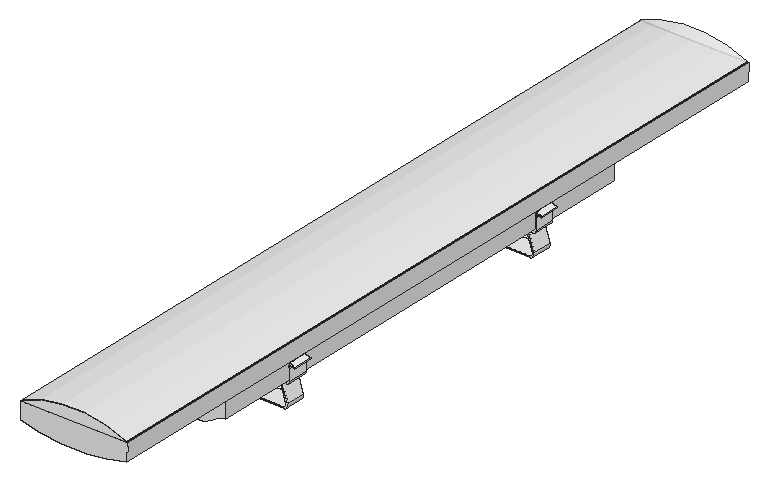
Revit family "Lighting-Industrial-GEWISS-SMART[3]-WATERTIGHT-LED_OPAL_800mm", category Apparecchi per illuminazione, host Superficie, Revit 2019
Family settings
  Host = Superficie
  Quota connettore circolare = Usa diametro
  Tipo di parte = Normale
  Taglio con vuoti quando caricato = No
  Sorgente d'illuminazione = No
  Condiviso = No
  Punto di calcolo locali = Sì
Parameters (values of type "GWS3218PLD57K - SMART3 LED 800 2X18 OPALE DALI 57K LP")
  visibilita etichetta [instance] = yes
  Working temperature = ""
  Wiring : = "Through wiring"
  Wiring = "With GW connect watertight connector"
  Weight (kg): = "1,5"
  Warranty = "5 years"
  Voltage- = "220/240 V - 50/60 Hz - Dali"
  Version file RFA = "20.11"
  Unique digital code (Datamatrix) = "Datamatrix"
  Unified Glare Rating = "UGR - 25 (4H/8H)"
  URL = "https://www.gewiss.com/ww/en"
  Typology = "Dali - Feed through wiring"
  Type of light source = "LED - Not replaceable"
  Tilt- = "With fixing bracket"
  Technical sheet = "https://www.gewiss.com/ww/en/search?q=GWS3218PLD57K"
  System power = "27W"
  Supply voltage = "220 - 240 V"
  Struttura = GEWISS - SMART 3 - GRIGIO
  Stocking temperature = "-25 +80 °C"
  Standards and approvals = "-"
  Standard- = "EN60598-1; IEC 62778; IEC62471"
  Standard Deviation Colour Matching = "SDCM = 3"
  Stampa 1_200 = no
  Stampa 1_100 = not(Stampa 1_200)  # yes
  Shock resistance = "IK08"
  Shield type = "UV stabilised polycarbonate"
  Schermo. = Gewiss - Led Acceso
  SEO = "Luminaire"
  Realized by GEWISS S.p.A. = ""
  Rated frequency (Hz) = "50/60 Hz"
  Default Elevation = 1219.2 mm
  Produttore = "GEWISS S.p.A."
  Photobiological Risk Class = "RG0"
  Overvoltage resistance : = "Common mode: 2KV; Differential mode: 1KV"
  Overvoltage protection = "DM 1KV / CM 2KV"
  Optic and illuminating features = "-"
  Optic Maintenance = "Not available"
  Optic : = "Integrated in the screen"
  Optic = "Wide opal"
  Operating temperature: = "-30 +50 °C"
  Operating temperature : = "-25 +50 °C"
  Nominal flux (lm) = "3500"
  No. LED (#) = ""
  Mouting and installation = "Ceiling - Wallmounting - Suspension"
  Modello = "GWS3218PLD57K"
  Maximum surface exposed to the wind : = "-"
  Materials = "-"
  Lunghezza Lampada = 800 mm  # constant formula
  Luminaire = "LED fixture for general lighting"
  Lumen output (lm) = "3200"
  Locking Hook = "-"
  Lifetime = "L90B50 (Tq+25°C) = 50,000h - L80B10 (Tq+25°C) = 100,000h"
  Length- = "800 mm"
  Lampada = "LED"
  Lamp- = "LED"
  LED Maintenance = "Not available"
  LED LifeTime (L80B20) = "85000H"
  LED Life time (L80B50) = "100000H"
  LED Life time (L70) = ""
  LED Life Time (L90B50) = "50000H"
  Insulation class = "II"
  Installationa and maintenance = "-"
  Immagine tipo = GWS3118P.jpg
  IPEA = "-"
  IP degree = "IP66/IP69"
  IFC.TypeObject = ""
  IFC.ExportType = ""
  IFC.ExportAs = ""
  IDT = "df3f914af2b340dcb5d8aeddf15f92d4"
  IDF = "5363c11e-06af-4c99-aa95-f3ab34ce26f2"
  Glow Wire Test : = "850 °C"
  Glow Wire Test = "850°C"
  General information = "-"
  Gasket = "CNC deposited sealant"
  Ganci = GEWISS  - ALLUMINIO
  Spostamento_Y_effettivo_etichetta [instance] = 1500 mm - Spostamento_Y_etichetta  # 1500 mm
  Spostamento_X_effettivo_etichetta [instance] = 1500 mm - Spostamento_X_etichetta  # 1500 mm
  Spostamento_Y_etichetta [instance] = 0 mm
  Spostamento_X_etichetta [instance] = 0 mm
  Fixing = "Stainless steel support"
  Failure rate apparecchio (50.000h, Tq=25Â° C) = "<2,5%"
  Failure rate apparecchio (35.000h, Tq=35Â° C) = "<2,5%"
  External screw = "-"
  Eletrical and lighting features = "-"
  Electrocod = "2434"
  Efficiency class of integrated LEDs = "A ÷ A++"
  Efficiency (lm/W) = "119"
  EAN code = ""
  Driver type = "Constant Current Driver Led"
  Driver Box = "Built-in"
  Driver = "Included"
  Device with reduced surface temperature = "Yes"
  Descrizione = "SMART3 LED 800 2X18 OPALE DALI 57K LP"
  DIN 18032-3 certification = "Not available"
  Control System : = "DALI"
  Control System = "Through wiring - DALI"
  Context = "Lighting of warehouses, indoor parking and industrial production rooms"
  Commenti sul wattaggio = "27W"
  Colour temperature: = "5700 K (CRI>80)"
  Colour temperature = "5700K"
  Colour : = "RAL7035 colored PC paste"
  Colour = "Grey (RAL 7035)"
  Color Rendering Index = "CRI-80"
  Classification: = "-"
  Catalogue Range = "SMART [3]"
  Catalogue = "LIGHTING"
  Carico apparente = 27 VA
  COBie.Tagnumber = ""
  COBie.CreatedOn = ""
  COBie.CreatebBy = ""
  COBie.ComponentRegisterItemID = ""
  COBie.Component.TagNumber = ""
  COBie.Component.Space = ""
  COBie.Component.SerialNumber = ""
  COBie.Component.InstallationDate = ""
  COBie.Component.Description = ""
  COBie.Component.BarCode = ""
  Body = "Polycarbonate"
  Application = "Internal"
Types (16, lengths in mm): name | Working temperature | Wiring : | Wiring | Voltage- | Unique digital code (Datamatrix) | Unified Glare Rating | Typology | Tilt- | Technical sheet | System power | Supply voltage | Stocking temperature | Standards and approvals | Standard- | Standard Deviation Colour Matching | Shield type | Rated frequency (Hz) | Photobiological Risk Class | Overvoltage resistance : | Overvoltage protection | Optic and illuminating features | Optic Maintenance | Optic : | Optic | Operating temperature : | Nominal flux (lm) | No. LED (#) | Mouting and installation | Modello | Maximum surface exposed to the wind : | Materials | Luminaire | Lumen output (lm) | Locking Hook | Lifetime | LED Maintenance | LED Life time (L70) | Installationa and maintenance | IPEA | IDT | Glow Wire Test : | General information | Gasket | Fixing | External screw | Eletrical and lighting features | Efficiency (lm/W) | EAN code | Driver Box | Driver | Device with reduced surface temperature | Descrizione | DIN 18032-3 certification | Control System : | Control System | Context | Commenti sul wattaggio | Colour temperature: | Colour temperature | Colour : | Colour | Color Rendering Index | Classification: | Carico apparente | Body
  GWS3118P - SMART3 LED 800 1X18 OPAL | "-25 +50 °C" | "" | "" | "220/240 V - 50/60 Hz - Stand alone" | "" | "" | "Stand alone" | "" | "https://www.gewiss.com/ww/en/search?q=GWS3118P" | "15W" | "" | "" | "" | "" | "" | "Opal" | "" | "" | "" | "" | "" | "" | "" | "" | "" | "2100" | "36" | "" | "GWS3118P" | "" | "" | "" | "1500" | "" | "" | "" | "80000H" | "" | "" | "dd6f6ca5-1cd7-4fdd-b873-34af3d669c5d" | "" | "" | "" | "" | "" | "" | "" | "8011564857520" | "" | "" | "Complying" | "SMART3 800 36LED OPALE" | "" | "" | "" | "" | "15W" | "4000 K (CRI 80)" | "4000 K (CRI 80)" | "" | "" | "" | "" | 15 VA | ""
  GWS3218P - SMART3 LED 800 2X18 OPAL | "-25 +50 °C" | "" | "" | "220/240 V - 50/60 Hz - Stand alone" | "" | "" | "Stand alone" | "" | "https://www.gewiss.com/ww/en/search?q=GWS3218P" | "27W" | "" | "" | "" | "" | "" | "Opal" | "" | "" | "" | "" | "" | "" | "" | "" | "" | "3500" | "42" | "" | "GWS3218P" | "" | "" | "" | "3200" | "" | "" | "" | "80000H" | "" | "" | "15e32f0c-b7e5-4b78-b915-def7fb3abd9f" | "" | "" | "" | "" | "" | "" | "" | "8011564857551" | "" | "" | "Complying" | "SMART3 800 42LED OPALE" | "" | "" | "" | "" | "26W" | "4000 K (CRI 80)" | "4000 K (CRI 80)" | "" | "" | "" | "" | 26 VA | ""
  GWS3218P30K - SMART3 LED 800 2X18 OPALE 30K | "-25 +50 °C" | "" | "" | "220/240 V - 50/60 Hz - Stand alone" | "" | "" | "Stand alone" | "" | "https://www.gewiss.com/ww/en/search?q=GWS3218P30K" | "27W" | "" | "" | "" | "" | "" | "Opal" | "" | "" | "" | "" | "" | "" | "" | "" | "" | "3500" | "42" | "" | "GWS3218P30K" | "" | "" | "" | "3200" | "" | "" | "" | "80000H" | "" | "" | "4732731f-e107-4645-aa5f-3083814cc429" | "" | "" | "" | "" | "" | "" | "" | "8011564872608" | "" | "" | "Complying" | "SMART3 800 42LED OPALE 30K" | "" | "" | "" | "" | "26W" | "3000 K (CRI 80)" | "3000 K (CRI 80)" | "" | "" | "" | "" | 26 VA | ""
  GWS3218P57K - SMART3 LED 800 2X18 OPAL 57K | "-25 +50 °C" | "" | "" | "220/240 V - 50/60 Hz - Stand alone" | "" | "" | "Stand alone" | "" | "https://www.gewiss.com/ww/en/search?q=GWS3218P57K" | "27W" | "" | "" | "" | "" | "" | "Opal" | "" | "" | "" | "" | "" | "" | "" | "" | "" | "3500" | "42" | "" | "GWS3218P57K" | "" | "" | "" | "3200" | "" | "" | "" | "80000H" | "" | "" | "4c0d3a94-93b2-4e20-b5b8-5a65ef3e71ec" | "" | "" | "" | "" | "" | "" | "" | "8011564872400" | "" | "" | "Complying" | "SMART3 800 42LED OPALE 57K" | "" | "" | "" | "" | "26W" | "5700 K (CRI 80)" | "5700 K (CRI 80)" | "" | "" | "" | "" | 26 VA | ""
  GWS3118PD - SMART3 LED 800 1X18 OPAL DALI | "-25 +50 °C" | "" | "" | "220/240 V - 50/60 Hz - Dali" | "" | "" | "DALI" | "" | "https://www.gewiss.com/ww/en/search?q=GWS3118PD" | "17W" | "" | "" | "" | "" | "" | "Opal" | "" | "" | "" | "" | "" | "" | "" | "" | "" | "2100" | "36" | "" | "GWS3118PD" | "" | "" | "" | "1500" | "" | "" | "" | "80000H" | "" | "" | "168a289a-cb64-49b9-9e46-5a80c12d58b1" | "" | "" | "" | "" | "" | "" | "" | "8011564869189" | "" | "" | "Complying" | "SMART3 800 36LED OPALE DALI" | "" | "" | "" | "" | "18W" | "4000 K (CRI 80)" | "4000 K (CRI 80)" | "" | "" | "" | "" | 18 VA | ""
  GWS3218PD - SMART3 LED 800 2X18 OPAL DALI | "-25 +50 °C" | "" | "" | "220/240 V - 50/60 Hz - Dali" | "" | "" | "DALI" | "" | "https://www.gewiss.com/ww/en/search?q=GWS3218PD" | "27W" | "" | "" | "" | "" | "" | "Opal" | "" | "" | "" | "" | "" | "" | "" | "" | "" | "3500" | "42" | "" | "GWS3218PD" | "" | "" | "" | "3200" | "" | "" | "" | "80000H" | "" | "" | "04c7f455-ff77-44c7-ae58-d7a5b95bc69a" | "" | "" | "" | "" | "" | "" | "" | "8011564869219" | "" | "" | "Complying" | "SMART3 800 42LED OPALE DALI" | "" | "" | "" | "" | "27W" | "4000 K (CRI 80)" | "4000 K (CRI 80)" | "" | "" | "" | "" | 27 VA | ""
  GWS3218PD30K - SMART3 LED 800 2X18 OPALE DALI 30K | "-25 +50 °C" | "" | "" | "220/240 V - 50/60 Hz - Dali" | "" | "" | "DALI" | "" | "https://www.gewiss.com/ww/en/search?q=GWS3218PD30K" | "27W" | "" | "" | "" | "" | "" | "Opal" | "" | "" | "" | "" | "" | "" | "" | "" | "" | "3500" | "42" | "" | "GWS3218PD30K" | "" | "" | "" | "3200" | "" | "" | "" | "80000H" | "" | "" | "57fa4c51-7fe9-487e-b1ca-5c72ace5f9fb" | "" | "" | "" | "" | "" | "" | "" | "8011564877023" | "" | "" | "Complying" | "SMART3 800 42LED OPALE DALI 30K" | "" | "" | "" | "" | "27W" | "3000 K (CRI 80)" | "3000 K (CRI 80)" | "" | "" | "" | "" | 27 VA | ""
  GWS3218PD57K - SMART3 LED 800 2X18 OPALE DALI 57K | "-25 +50 °C" | "" | "" | "220/240 V - 50/60 Hz - Dali" | "" | "" | "DALI" | "" | "https://www.gewiss.com/ww/en/search?q=GWS3218PD57K" | "27W" | "" | "" | "" | "" | "" | "Opal" | "" | "" | "" | "" | "" | "" | "" | "" | "" | "3500" | "42" | "" | "GWS3218PD57K" | "" | "" | "" | "3200" | "" | "" | "" | "80000H" | "" | "" | "63a7b619-e627-41d9-aefa-0e89ed4538c3" | "" | "" | "" | "" | "" | "" | "" | "8011564877030" | "" | "" | "Complying" | "SMART3 800 42LED OPALE DALI 57K" | "" | "" | "" | "" | "27W" | "5700 K (CRI 80)" | "5700 K (CRI 80)" | "" | "" | "" | "" | 27 VA | ""
  GWS3118PL - SMART3 LED 800 1X18 OPAL QW | "" | "Through wiring" | "With GW connect watertight connector" | "220/240 V - 50/60 Hz - Stand alone" | "Datamatrix" | "UGR - 22 (4H/8H)" | "Stand alone - Quick wiring connection" | "With fixing bracket" | "https://www.gewiss.com/ww/en/search?q=GWS3118PL" | "15W" | "220 - 240 V" | "-25 +80 °C" | "-" | "EN60598-1; IEC 62778; IEC62471" | "SDCM = 3" | "UV stabilised polycarbonate" | "50/60 Hz" | "RG0" | "Common mode: 2KV; Differential mode: 1KV" | "DM 1KV / CM 2KV" | "-" | "Not available" | "Integrated in the screen" | "Wide opal" | "-25 +50 °C" | "2100" | "" | "Ceiling - Wallmounting - Suspension" | "GWS3118PL" | "-" | "-" | "LED fixture for general lighting" | "1700" | "-" | "L90B50 (Tq+25°C) = 50,000h - L80B10 (Tq+25°C) = 100,000h" | "Not available" | "" | "-" | "-" | "a5e9189979614d16ba0ef922d7e973c8" | "850 °C" | "-" | "CNC deposited sealant" | "Stainless steel support" | "-" | "-" | "113" | "" | "Built-in" | "Included" | "Yes" | "SMART3 LED 800 1X18 OPAL QW" | "Not available" | "ON / OFF" | "Through wiring - On/Off" | "Lighting of warehouses, indoor parking and industrial production rooms" | "18W" | "4000 K (CRI>80)" | "4000K" | "RAL7035 colored PC paste" | "Grey (RAL 7035)" | "CRI-80" | "-" | 18 VA | "Polycarbonate"
  GWS3118PLD - SMART3 LED 800 1X18 OPALE DALI LP | "" | "Through wiring" | "With GW connect watertight connector" | "220/240 V - 50/60 Hz - Dali" | "Datamatrix" | "UGR - 22 (4H/8H)" | "Dali - Feed through wiring" | "With fixing bracket" | "https://www.gewiss.com/ww/en/search?q=GWS3118PLD" | "15W" | "220 - 240 V" | "-25 +80 °C" | "-" | "EN60598-1; IEC 62778; IEC62471" | "SDCM = 3" | "UV stabilised polycarbonate" | "50/60 Hz" | "RG0" | "Common mode: 2KV; Differential mode: 1KV" | "DM 1KV / CM 2KV" | "-" | "Not available" | "Integrated in the screen" | "Wide opal" | "-25 +50 °C" | "2100" | "" | "Ceiling - Wallmounting - Suspension" | "GWS3118PLD" | "-" | "-" | "LED fixture for general lighting" | "1700" | "-" | "L90B50 (Tq+25°C) = 50,000h - L80B10 (Tq+25°C) = 100,000h" | "Not available" | "" | "-" | "-" | "6a5b773c999e45b79a8ac098ea39b15e" | "850 °C" | "-" | "CNC deposited sealant" | "Stainless steel support" | "-" | "-" | "113" | "" | "Built-in" | "Included" | "Yes" | "SMART3 LED 800 1X18 OPALE DALI LP" | "Not available" | "DALI" | "Through wiring - DALI" | "Lighting of warehouses, indoor parking and industrial production rooms" | "18W" | "4000 K (CRI>80)" | "4000K" | "RAL7035 colored PC paste" | "Grey (RAL 7035)" | "CRI-80" | "-" | 18 VA | "Polycarbonate"
  GWS3218PL - SMART3 LED 800 2X18 OPAL QW | "" | "Through wiring" | "With GW connect watertight connector" | "220/240 V - 50/60 Hz - Stand alone" | "Datamatrix" | "UGR - 25 (4H/8H)" | "Stand alone - Quick wiring connection" | "With fixing bracket" | "https://www.gewiss.com/ww/en/search?q=GWS3218PL" | "27W" | "220 - 240 V" | "-25 +80 °C" | "-" | "EN60598-1; IEC 62778; IEC62471" | "SDCM = 3" | "UV stabilised polycarbonate" | "50/60 Hz" | "RG0" | "Common mode: 2KV; Differential mode: 1KV" | "DM 1KV / CM 2KV" | "-" | "Not available" | "Integrated in the screen" | "Wide opal" | "-25 +50 °C" | "3500" | "" | "Ceiling - Wallmounting - Suspension" | "GWS3218PL" | "-" | "-" | "LED fixture for general lighting" | "3200" | "-" | "L90B50 (Tq+25°C) = 50,000h - L80B10 (Tq+25°C) = 100,000h" | "Not available" | "" | "-" | "-" | "0f0e4fa0921d42ef9e5e903e1ec2fade" | "850 °C" | "-" | "CNC deposited sealant" | "Stainless steel support" | "-" | "-" | "119" | "" | "Built-in" | "Included" | "Yes" | "SMART3 LED 800 2X18 OPAL QW" | "Not available" | "ON / OFF" | "Through wiring - On/Off" | "Lighting of warehouses, indoor parking and industrial production rooms" | "27W" | "4000 K (CRI>80)" | "4000K" | "RAL7035 colored PC paste" | "Grey (RAL 7035)" | "CRI-80" | "-" | 27 VA | "Polycarbonate"
  GWS3218PL30K - SMART3 LED 800 2X18 OPALE 30K LP | "" | "Through wiring" | "With GW connect watertight connector" | "220/240 V - 50/60 Hz - Stand alone" | "Datamatrix" | "UGR - 25 (4H/8H)" | "Stand alone - Quick wiring connection" | "With fixing bracket" | "https://www.gewiss.com/ww/en/search?q=GWS3218PL30K" | "27W" | "220 - 240 V" | "-25 +80 °C" | "-" | "EN60598-1; IEC 62778; IEC62471" | "SDCM = 3" | "UV stabilised polycarbonate" | "50/60 Hz" | "RG0" | "Common mode: 2KV; Differential mode: 1KV" | "DM 1KV / CM 2KV" | "-" | "Not available" | "Integrated in the screen" | "Wide opal" | "-25 +50 °C" | "3300" | "" | "Ceiling - Wallmounting - Suspension" | "GWS3218PL30K" | "-" | "-" | "LED fixture for general lighting" | "3000" | "-" | "L90B50 (Tq+25°C) = 50,000h - L80B10 (Tq+25°C) = 100,000h" | "Not available" | "" | "-" | "-" | "1d055fa70e574335a6f6106f14b7e4b1" | "850 °C" | "-" | "CNC deposited sealant" | "Stainless steel support" | "-" | "-" | "111" | "" | "Built-in" | "Included" | "Yes" | "SMART3 LED 800 2X18 OPALE 30K LP" | "Not available" | "ON / OFF" | "Through wiring - On/Off" | "Lighting of warehouses, indoor parking and industrial production rooms" | "27W" | "3000 K (CRI>80)" | "3000K" | "RAL7035 colored PC paste" | "Grey (RAL 7035)" | "CRI-80" | "-" | 27 VA | "Polycarbonate"
  GWS3218PL57K - SMART3 LED 800 2X18 OPALE 57K LP | "" | "Through wiring" | "With GW connect watertight connector" | "220/240 V - 50/60 Hz - Stand alone" | "Datamatrix" | "UGR - 25 (4H/8H)" | "Stand alone - Quick wiring connection" | "With fixing bracket" | "https://www.gewiss.com/ww/en/search?q=GWS3218PL57K" | "27W" | "220 - 240 V" | "-25 +80 °C" | "-" | "EN60598-1; IEC 62778; IEC62471" | "SDCM = 3" | "UV stabilised polycarbonate" | "50/60 Hz" | "RG0" | "Common mode: 2KV; Differential mode: 1KV" | "DM 1KV / CM 2KV" | "-" | "Not available" | "Integrated in the screen" | "Wide opal" | "-25 +50 °C" | "3500" | "" | "Ceiling - Wallmounting - Suspension" | "GWS3218PL57K" | "-" | "-" | "LED fixture for general lighting" | "3200" | "-" | "L90B50 (Tq+25°C) = 50,000h - L80B10 (Tq+25°C) = 100,000h" | "Not available" | "" | "-" | "-" | "fcf66c1144b2485984176bd14d901461" | "850 °C" | "-" | "CNC deposited sealant" | "Stainless steel support" | "-" | "-" | "119" | "" | "Built-in" | "Included" | "Yes" | "SMART3 LED 800 2X18 OPALE 57K LP" | "Not available" | "ON / OFF" | "Through wiring - On/Off" | "Lighting of warehouses, indoor parking and industrial production rooms" | "27W" | "5700 K (CRI>80)" | "5700K" | "RAL7035 colored PC paste" | "Grey (RAL 7035)" | "CRI-80" | "-" | 27 VA | "Polycarbonate"
  GWS3218PLD - SMART3 LED 800 2X18 OPALE DALI LP | "" | "Through wiring" | "With GW connect watertight connector" | "220/240 V - 50/60 Hz - Dali" | "Datamatrix" | "UGR - 25 (4H/8H)" | "Dali - Feed through wiring" | "With fixing bracket" | "https://www.gewiss.com/ww/en/search?q=GWS3218PLD" | "27W" | "220 - 240 V" | "-25 +80 °C" | "-" | "EN60598-1; IEC 62778; IEC62471" | "SDCM = 3" | "UV stabilised polycarbonate" | "50/60 Hz" | "RG0" | "Common mode: 2KV; Differential mode: 1KV" | "DM 1KV / CM 2KV" | "-" | "Not available" | "Integrated in the screen" | "Wide opal" | "-25 +50 °C" | "3500" | "" | "Ceiling - Wallmounting - Suspension" | "GWS3218PLD" | "-" | "-" | "LED fixture for general lighting" | "3200" | "-" | "L90B50 (Tq+25°C) = 50,000h - L80B10 (Tq+25°C) = 100,000h" | "Not available" | "" | "-" | "-" | "d702d1458a864ae592fc5afea704ccd7" | "850 °C" | "-" | "CNC deposited sealant" | "Stainless steel support" | "-" | "-" | "119" | "" | "Built-in" | "Included" | "Yes" | "SMART3 LED 800 2X18 OPALE DALI LP" | "Not available" | "DALI" | "Through wiring - DALI" | "Lighting of warehouses, indoor parking and industrial production rooms" | "27W" | "4000 K (CRI>80)" | "4000K" | "RAL7035 colored PC paste" | "Grey (RAL 7035)" | "CRI-80" | "-" | 27 VA | "Polycarbonate"
  GWS3218PLD30K - SMART3 LED 800 2X18 OPALE DALI 30K LP | "" | "Through wiring" | "With GW connect watertight connector" | "220/240 V - 50/60 Hz - Dali" | "Datamatrix" | "UGR - 25 (4H/8H)" | "Dali - Feed through wiring" | "With fixing bracket" | "https://www.gewiss.com/ww/en/search?q=GWS3218PLD30K" | "27W" | "220 - 240 V" | "-25 +80 °C" | "-" | "EN60598-1; IEC 62778; IEC62471" | "SDCM = 3" | "UV stabilised polycarbonate" | "50/60 Hz" | "RG0" | "Common mode: 2KV; Differential mode: 1KV" | "DM 1KV / CM 2KV" | "-" | "Not available" | "Integrated in the screen" | "Wide opal" | "-25 +50 °C" | "3300" | "" | "Ceiling - Wallmounting - Suspension" | "GWS3218PLD30K" | "-" | "-" | "LED fixture for general lighting" | "3000" | "-" | "L90B50 (Tq+25°C) = 50,000h - L80B10 (Tq+25°C) = 100,000h" | "Not available" | "" | "-" | "-" | "7ba084a04ce44540b6e537ab1b0eb97c" | "850 °C" | "-" | "CNC deposited sealant" | "Stainless steel support" | "-" | "-" | "111" | "" | "Built-in" | "Included" | "Yes" | "SMART3 LED 800 2X18 OPALE DALI 30K LP" | "Not available" | "DALI" | "Through wiring - DALI" | "Lighting of warehouses, indoor parking and industrial production rooms" | "27W" | "3000 K (CRI>80)" | "3000K" | "RAL7035 colored PC paste" | "Grey (RAL 7035)" | "CRI-80" | "-" | 27 VA | "Polycarbonate"
  GWS3218PLD57K - SMART3 LED 800 2X18 OPALE DALI 57K LP | "" | "Through wiring" | "With GW connect watertight connector" | "220/240 V - 50/60 Hz - Dali" | "Datamatrix" | "UGR - 25 (4H/8H)" | "Dali - Feed through wiring" | "With fixing bracket" | "https://www.gewiss.com/ww/en/search?q=GWS3218PLD57K" | "27W" | "220 - 240 V" | "-25 +80 °C" | "-" | "EN60598-1; IEC 62778; IEC62471" | "SDCM = 3" | "UV stabilised polycarbonate" | "50/60 Hz" | "RG0" | "Common mode: 2KV; Differential mode: 1KV" | "DM 1KV / CM 2KV" | "-" | "Not available" | "Integrated in the screen" | "Wide opal" | "-25 +50 °C" | "3500" | "" | "Ceiling - Wallmounting - Suspension" | "GWS3218PLD57K" | "-" | "-" | "LED fixture for general lighting" | "3200" | "-" | "L90B50 (Tq+25°C) = 50,000h - L80B10 (Tq+25°C) = 100,000h" | "Not available" | "" | "-" | "-" | "df3f914af2b340dcb5d8aeddf15f92d4" | "850 °C" | "-" | "CNC deposited sealant" | "Stainless steel support" | "-" | "-" | "119" | "" | "Built-in" | "Included" | "Yes" | "SMART3 LED 800 2X18 OPALE DALI 57K LP" | "Not available" | "DALI" | "Through wiring - DALI" | "Lighting of warehouses, indoor parking and industrial production rooms" | "27W" | "5700 K (CRI>80)" | "5700K" | "RAL7035 colored PC paste" | "Grey (RAL 7035)" | "CRI-80" | "-" | 27 VA | "Polycarbonate"
Reference planes
  plane 1 "Centro (Fronte/Retro)": y = 0
  plane 2: z = 0
  plane 3 "Centro (Sinistra/Destra)": x = 0
  plane 4: x = -1500
  plane 5: y = -1500
  plane 6: y = 0
  plane 7: x = 0
Forms (mm)
  Extrusion 1, solid, material "GEWISS  - ALLUMINIO" <- "Ganci", detail levels medium+fine
    sketch origin (0, 0, 0) x (1, 0, 0) y (0, 0, 1)
      loop
        arc (31.431, -0.002) -> (34.576, 1.589) -> (35.156, 5.066) r 3.903
        line (35.156, 5.066) -> (29.612, 23.211)
        arc (29.612, 23.211) -> (29.883, 24.381) -> (31.032, 24.73) r 1.2
        line (31.032, 24.73) -> (34.307, 23.974)
        arc (34.307, 23.974) -> (36.765, 24.53) -> (37.859, 26.8) r 2.9
        line (37.859, 26.8) -> (37.859, 38.8)
        arc (37.859, 38.8) -> (37.648, 39.694) -> (37.059, 40.4) r 2
        line (37.059, 40.4) -> (37.059, 42.71) -> (42.889, 40.588) -> (43.231, 41.528) -> (37.53, 43.603)
        arc (37.53, 43.603) -> (37.019, 43.613) -> (36.605, 43.311) r 0.8
        line (36.605, 43.311) -> (36.306, 26.139)
        arc (36.306, 26.139) -> (35.6, 25.444) -> (34.616, 25.34) r 1.5
        line (34.616, 25.34) -> (31.344, 26.095)
        arc (31.344, 26.095) -> (28.858, 25.335) -> (28.273, 22.802) r 2.6
        line (28.273, 22.802) -> (33.827, 4.636)
        arc (33.827, 4.636) -> (33.449, 2.415) -> (31.438, 1.4) r 2.5
        line (31.438, 1.4) -> (-31.437, 1.4)
        arc (-31.437, 1.4) -> (-33.449, 2.415) -> (-33.827, 4.636) r 2.5
        line (-33.827, 4.636) -> (-28.273, 22.802)
        arc (-28.273, 22.802) -> (-28.858, 25.335) -> (-31.344, 26.095) r 2.6
        line (-31.344, 26.095) -> (-34.616, 25.34)
        arc (-34.616, 25.34) -> (-35.6, 25.444) -> (-36.306, 26.139) r 1.5
        line (-36.306, 26.139) -> (-36.605, 43.311)
        arc (-36.605, 43.311) -> (-37.019, 43.613) -> (-37.53, 43.603) r 0.8
        line (-37.53, 43.603) -> (-43.203, 41.538) -> (-42.861, 40.598) -> (-37.059, 42.71) -> (-37.059, 40.4)
        arc (-37.059, 40.4) -> (-37.648, 39.694) -> (-37.859, 38.8) r 2
        line (-37.859, 38.8) -> (-37.859, 26.8)
        arc (-37.859, 26.8) -> (-36.765, 24.53) -> (-34.307, 23.974) r 2.9
        line (-34.307, 23.974) -> (-31.032, 24.73)
        arc (-31.032, 24.73) -> (-29.883, 24.381) -> (-29.612, 23.211) r 1.2
        line (-29.612, 23.211) -> (-35.156, 5.066)
        arc (-35.156, 5.066) -> (-34.576, 1.589) -> (-31.431, -0.002) r 3.903
        line (-31.431, -0.002) -> (31.431, -0.002)
    from 148.766 to 168.766
  Extrusion 2, solid, material "GEWISS  - ALLUMINIO" <- "Ganci", detail levels medium+fine
    sketch origin (0, 0, 0) x (1, 0, 0) y (0, 0, -1)
      loop
        line (31.431, 0.002) -> (-31.431, 0.002)
        arc (-31.431, 0.002) -> (-34.576, -1.589) -> (-35.156, -5.066) r 3.903
        line (-35.156, -5.066) -> (-29.612, -23.211)
        arc (-29.612, -23.211) -> (-29.883, -24.381) -> (-31.032, -24.73) r 1.2
        line (-31.032, -24.73) -> (-34.307, -23.974)
        arc (-34.307, -23.974) -> (-36.765, -24.53) -> (-37.859, -26.8) r 2.9
        line (-37.859, -26.8) -> (-37.859, -38.8)
        arc (-37.859, -38.8) -> (-37.648, -39.694) -> (-37.059, -40.4) r 2
        line (-37.059, -40.4) -> (-37.059, -42.71) -> (-42.861, -40.598) -> (-43.203, -41.538) -> (-37.53, -43.603)
        arc (-37.53, -43.603) -> (-37.019, -43.613) -> (-36.605, -43.311) r 0.8
        line (-36.605, -43.311) -> (-36.306, -26.139)
        arc (-36.306, -26.139) -> (-35.6, -25.444) -> (-34.616, -25.34) r 1.5
        line (-34.616, -25.34) -> (-31.344, -26.095)
        arc (-31.344, -26.095) -> (-28.858, -25.335) -> (-28.273, -22.802) r 2.6
        line (-28.273, -22.802) -> (-33.827, -4.636)
        arc (-33.827, -4.636) -> (-33.449, -2.415) -> (-31.437, -1.4) r 2.5
        line (-31.437, -1.4) -> (31.438, -1.4)
        arc (31.438, -1.4) -> (33.449, -2.415) -> (33.827, -4.636) r 2.5
        line (33.827, -4.636) -> (28.273, -22.802)
        arc (28.273, -22.802) -> (28.858, -25.335) -> (31.344, -26.095) r 2.6
        line (31.344, -26.095) -> (34.616, -25.34)
        arc (34.616, -25.34) -> (35.6, -25.444) -> (36.306, -26.139) r 1.5
        line (36.306, -26.139) -> (36.605, -43.311)
        arc (36.605, -43.311) -> (37.019, -43.613) -> (37.53, -43.603) r 0.8
        line (37.53, -43.603) -> (43.203, -41.538) -> (42.861, -40.598) -> (37.059, -42.71) -> (37.059, -40.4)
        arc (37.059, -40.4) -> (37.648, -39.694) -> (37.859, -38.8) r 2
        line (37.859, -38.8) -> (37.859, -26.8)
        arc (37.859, -26.8) -> (36.765, -24.53) -> (34.307, -23.974) r 2.9
        line (34.307, -23.974) -> (31.032, -24.73)
        arc (31.032, -24.73) -> (29.883, -24.381) -> (29.612, -23.211) r 1.2
        line (29.612, -23.211) -> (35.156, -5.066)
        arc (35.156, -5.066) -> (34.576, -1.589) -> (31.431, 0.002) r 3.903
    from 148.766 to 168.766
  Extrusion 3, solid, material "GEWISS - SMART 3 - GRIGIO" <- "Struttura", detail levels medium+fine
    sketch origin (0, 0, 0) x (1, 0, 0) y (0, 0, 1)
      loop
        line (-36.331, 55.757) -> (-35.847, 28.018)
        arc (-35.847, 28.018) -> (-33.139, 27.27) -> (-30.416, 26.58) r 129.5
        arc (-30.416, 26.58) -> (-28.066, 25.76) -> (-25.915, 24.506) r 13
        arc (-25.915, 24.506) -> (-24.23, 23.324) -> (-22.521, 22.178) r 99.5
        arc (-22.521, 22.178) -> (-16.401, 19.063) -> (-9.748, 17.365) r 31.146
        line (-9.748, 17.365) -> (12.491, 17.365)
        arc (12.491, 17.365) -> (17.822, 19.098) -> (22.764, 21.745) r 31.646
        arc (22.764, 21.745) -> (24.509, 22.915) -> (26.228, 24.122) r 100
        arc (26.228, 24.122) -> (28.283, 25.313) -> (30.525, 26.095) r 12.5
        arc (30.525, 26.095) -> (33.437, 26.834) -> (36.332, 27.64) r 130
        line (36.332, 27.64) -> (36.824, 55.851)
        arc (36.824, 55.851) -> (24.914, 53.937) -> (12.909, 52.764) r 195.047
        line (12.909, 52.764) -> (-12.909, 52.764)
        arc (-12.909, 52.764) -> (-24.665, 53.905) -> (-36.331, 55.757) r 195.047
    from -250 to 250
  Extrusion 4, solid, material "GEWISS - SMART 3 - GRIGIO" <- "Struttura", detail levels medium+fine
    sketch origin (0, 0, 0) x (1, 0, 0) y (0, 0, 1)
      loop
        line (54.725, 60.184) -> (55.177, 77.445) -> (-55.177, 77.445) -> (-54.725, 60.184)
        arc (-54.725, 60.184) -> (-34.019, 55.332) -> (-12.909, 52.764) r 195.047
        line (-12.909, 52.764) -> (12.909, 52.764)
        arc (12.909, 52.764) -> (34.019, 55.332) -> (54.725, 60.184) r 195.047
    from -400 to 400
  Extrusion 5, solid, material "Gewiss - Led Acceso" <- "Schermo.", detail levels medium+fine
    sketch origin (0, 0, 0) x (1, 0, 0) y (0, 0, 1)
      loop
        arc (54.697, 78.441) -> (-0.014, 90.457) -> (-54.723, 78.429) r 130.5
        arc (-54.723, 78.429) -> (-54.988, 77.838) -> (-54.5, 77.445) r 0.5
        line (-54.5, 77.445) -> (54.479, 77.445)
        arc (54.479, 77.445) -> (54.988, 77.855) -> (54.697, 78.441) r 0.522
    from -400 to 400
  Extrusion 6, solid, material "GEWISS - SMART 3 - GRIGIO" <- "Struttura", detail levels coarse
    sketch origin (0, 0, 0) x (1, 0, 0) y (0, 0, 1)
      loop
        line (-54.5, 90.439) -> (-54.5, 0) -> (54.5, 0) -> (54.5, 90.439) -> (-54.5, 90.439)
    from -400 to 400
Lines and regions (mm)
  Masking region 1
    outline origin (0, 0, 0) x (1, 0, 0) y (0, 1, 0)
      loop
        line (-55.177, 400) -> (-55.177, -400) -> (55.177, -400) -> (55.177, 400) -> (-55.177, 400)
  model lines, style "GEWISS - LIGHT 2D", not visible
    curve 1: arc (658.224, 441.447, 0) -> (657.902, 441.529, 0) -> (657.571, 441.558, 0) r 1.999
    curve 2: arc (659.744, 439.503, 0) -> (659.172, 440.906, 0) -> (657.781, 441.505, 0) r 1.998
    curve 3: arc (549.391, -356.494, 0) -> (549.963, -357.897, 0) -> (551.356, -358.495, 0) r 1.998
    curve 4: arc (657.744, -358.495, 0) -> (659.181, -357.627, 0) -> (659.745, -356.046, 0) r 2.5
    curve 5: arc (551.891, 441.558, 0) -> (550.123, 440.825, 0) -> (549.391, 439.058, 0) r 2.5
    curve 6: line (657.571, 441.558, 0) -> (604.567, 441.558, 0)
    curve 7: line (604.567, 441.558, 0) -> (551.891, 441.558, 0)
    curve 8: line (551.356, -358.495, 0) -> (604.568, -358.495, 0)
    curve 9: line (604.568, -358.495, 0) -> (657.744, -358.495, 0)
    curve 10: line (659.745, -356.046, 0) -> (659.745, 439.503, 0)
    curve 11: line (657.781, 441.505, 0) -> (604.567, 441.505, 0)
    curve 12: line (549.391, -356.494, 0) -> (549.391, 439.058, 0)
    curve 13: line (604.569, 276.529, 0) -> (604.569, -193.52, 0)
  symbolic lines
    curve 14: line (0, 348.766, 0) -> (0, -351.234, 0)
Dimensions and locks
  plane 4 to plane 3 "Centro (Sinistra/Destra)" = 1500 mm
  plane 5 to plane 1 "Centro (Fronte/Retro)" = 1500 mm
  "Spostamento_Y_effettivo_etichetta": plane 6 to plane 5
  "Spostamento_X_effettivo_etichetta": plane 4 to plane 7
  aligned and locked: plane 2 to host face
  aligned and locked: level to host face
  aligned and locked: Masking region 1 sketch curve to Extrusion 4  (x4)
  aligned and locked: nested 1 to plane 6
  aligned and locked: nested 1 to plane 7
  aligned and locked: curve 14 to plane 7
Automatic sketch dimensions
  host sketch curve to host sketch curve = 2438.4 mm  (x2)
  Extrusion 1 sketch curve to Extrusion 1 sketch curve = 0 mm  (x28)
  Extrusion 1 sketch curve to plane 3 "Centro (Sinistra/Destra)" = 43.203 mm
  level to Extrusion 1 sketch curve = 40.598 mm
  Extrusion 1 sketch curve to Extrusion 1 sketch curve = 0.342 mm  (x2)
  Extrusion 1 sketch curve to Extrusion 1 sketch curve = 5.002 mm
  Extrusion 1 sketch curve to Extrusion 1 sketch curve = 0.329 mm
  Extrusion 1 sketch curve to Extrusion 1 sketch curve = 0.271 mm  (x2)
  Extrusion 1 sketch curve to Extrusion 1 sketch curve = 0.8 mm  (x2)
  Extrusion 1 sketch curve to Extrusion 1 sketch curve = 0.454 mm  (x2)
  Extrusion 1 sketch curve to Extrusion 1 sketch curve = 1.554 mm
  Extrusion 1 sketch curve to Extrusion 1 sketch curve = 2 mm
  level to Extrusion 1 sketch curve = 5.066 mm  (x2)
  Extrusion 1 sketch curve to Extrusion 1 sketch curve = 1.15 mm
  Extrusion 1 sketch curve to Extrusion 1 sketch curve = 1.346 mm  (x2)
  Extrusion 1 sketch curve to Extrusion 1 sketch curve = 0.343 mm  (x2)
  level to Extrusion 1 sketch curve = 4.636 mm  (x2)
  Extrusion 1 sketch curve to Extrusion 1 sketch curve = 1.329 mm  (x2)
  level to Extrusion 1 sketch curve = 1.4 mm
  Extrusion 1 sketch curve to Extrusion 1 sketch curve = 2.389 mm  (x2)
  Extrusion 1 sketch curve to Extrusion 1 sketch curve = 0.007 mm  (x2)
  Extrusion 1 sketch curve to Extrusion 1 sketch curve = 3.584 mm  (x2)
  Extrusion 1 sketch curve to Extrusion 1 sketch curve = 0.273 mm  (x2)
  plane 3 "Centro (Sinistra/Destra)" to Extrusion 1 sketch curve = 30.759 mm
  Extrusion 1 sketch curve to level = 0.002 mm
  Extrusion 1 sketch curve to Extrusion 1 sketch curve = 0.672 mm
  Extrusion 1 sketch curve to Extrusion 1 sketch curve = 0.9 mm
  level to Extrusion 1 sketch curve = 26.139 mm
  Extrusion 1 sketch curve to Extrusion 1 sketch curve = 0.746 mm
  Extrusion 1 sketch curve to Extrusion 1 sketch curve = 0.2 mm
  Extrusion 1 sketch curve to Extrusion 1 sketch curve = 5.029 mm
  Extrusion 1 sketch curve to Extrusion 1 sketch curve = 2.577 mm
  Extrusion 1 sketch curve to Extrusion 1 sketch curve = 18.496 mm
  Extrusion 1 sketch curve to Extrusion 1 sketch curve = 1.169 mm  (x2)
  Extrusion 1 sketch curve to Extrusion 1 sketch curve = 0.609 mm
  Extrusion 1 sketch curve to Extrusion 1 sketch curve = 0.799 mm  (x2)
  Extrusion 1 sketch curve to Extrusion 1 sketch curve = 1.798 mm
  Extrusion 1 sketch curve to Extrusion 1 sketch curve = 12 mm
  Extrusion 1 sketch curve to Extrusion 1 sketch curve = 1.788 mm
  Extrusion 1 sketch curve to Extrusion 1 sketch curve = 0.94 mm  (x2)
  Extrusion 1 sketch curve to Extrusion 1 sketch curve = 0.14 mm  (x2)
  Extrusion 1 sketch curve to Extrusion 1 sketch curve = 0.309 mm  (x2)
  Extrusion 1 sketch curve to Extrusion 1 sketch curve = 0.312 mm  (x2)
  Extrusion 1 sketch curve to Extrusion 1 sketch curve = 1.148 mm  (x2)
  Extrusion 1 sketch curve to Extrusion 1 sketch curve = 1.339 mm
  Extrusion 1 sketch curve to Extrusion 1 sketch curve = 2.486 mm
  Extrusion 1 sketch curve to Extrusion 1 sketch curve = 0.409 mm  (x2)
  Extrusion 2 sketch curve to Extrusion 2 sketch curve = 0 mm  (x28)
  Extrusion 2 sketch curve to plane 3 "Centro (Sinistra/Destra)" = 43.203 mm
  level to Extrusion 2 sketch curve = 40.598 mm
  Extrusion 2 sketch curve to Extrusion 2 sketch curve = 0.342 mm  (x2)
  Extrusion 2 sketch curve to Extrusion 2 sketch curve = 5.002 mm  (x2)
  Extrusion 2 sketch curve to Extrusion 2 sketch curve = 0.329 mm
  Extrusion 2 sketch curve to Extrusion 2 sketch curve = 0.271 mm  (x2)
  Extrusion 2 sketch curve to Extrusion 2 sketch curve = 0.8 mm  (x2)
  Extrusion 2 sketch curve to Extrusion 2 sketch curve = 0.454 mm  (x2)
  Extrusion 2 sketch curve to Extrusion 2 sketch curve = 1.554 mm
  Extrusion 2 sketch curve to Extrusion 2 sketch curve = 2 mm
  level to Extrusion 2 sketch curve = 5.066 mm  (x2)
  Extrusion 2 sketch curve to Extrusion 2 sketch curve = 1.15 mm
  Extrusion 2 sketch curve to Extrusion 2 sketch curve = 1.346 mm  (x2)
  Extrusion 2 sketch curve to Extrusion 2 sketch curve = 0.343 mm  (x2)
  level to Extrusion 2 sketch curve = 4.636 mm  (x2)
  Extrusion 2 sketch curve to Extrusion 2 sketch curve = 1.329 mm  (x2)
  level to Extrusion 2 sketch curve = 1.4 mm
  Extrusion 2 sketch curve to Extrusion 2 sketch curve = 2.389 mm  (x2)
  Extrusion 2 sketch curve to Extrusion 2 sketch curve = 0.007 mm  (x2)
  Extrusion 2 sketch curve to Extrusion 2 sketch curve = 3.584 mm  (x2)
  Extrusion 2 sketch curve to Extrusion 2 sketch curve = 0.273 mm  (x2)
  plane 3 "Centro (Sinistra/Destra)" to Extrusion 2 sketch curve = 30.759 mm
  Extrusion 2 sketch curve to level = 0.002 mm
  Extrusion 2 sketch curve to Extrusion 2 sketch curve = 0.672 mm
  Extrusion 2 sketch curve to Extrusion 2 sketch curve = 0.9 mm
  level to Extrusion 2 sketch curve = 26.139 mm
  Extrusion 2 sketch curve to Extrusion 2 sketch curve = 0.746 mm
  Extrusion 2 sketch curve to Extrusion 2 sketch curve = 0.2 mm
  Extrusion 2 sketch curve to Extrusion 2 sketch curve = 14.46 mm
  Extrusion 2 sketch curve to Extrusion 2 sketch curve = 0.94 mm  (x2)
  Extrusion 2 sketch curve to Extrusion 2 sketch curve = 0.14 mm  (x2)
  Extrusion 2 sketch curve to Extrusion 2 sketch curve = 2.31 mm  (x2)
  Extrusion 2 sketch curve to Extrusion 2 sketch curve = 12 mm
  Extrusion 2 sketch curve to Extrusion 2 sketch curve = 0.661 mm  (x2)
  Extrusion 2 sketch curve to Extrusion 2 sketch curve = 0.609 mm  (x2)
  Extrusion 2 sketch curve to Extrusion 2 sketch curve = 1.169 mm  (x2)
  Extrusion 2 sketch curve to Extrusion 2 sketch curve = 0.309 mm  (x2)
  Extrusion 2 sketch curve to Extrusion 2 sketch curve = 0.312 mm  (x2)
  Extrusion 2 sketch curve to Extrusion 2 sketch curve = 1.148 mm  (x2)
  Extrusion 2 sketch curve to Extrusion 2 sketch curve = 1.339 mm
  Extrusion 2 sketch curve to Extrusion 2 sketch curve = 2.486 mm
  Extrusion 2 sketch curve to Extrusion 2 sketch curve = 1.365 mm  (x2)
  Extrusion 3 sketch curve to plane 3 "Centro (Sinistra/Destra)" = 36.331 mm
  Extrusion 3 sketch curve to Extrusion 3 sketch curve = 0.484 mm
  Extrusion 3 sketch curve to Extrusion 3 sketch curve = 2.34 mm
  Extrusion 3 sketch curve to plane 3 "Centro (Sinistra/Destra)" = 32.068 mm
  Extrusion 3 sketch curve to plane 3 "Centro (Sinistra/Destra)" = 12.909 mm
  Extrusion 3 sketch curve to plane 3 "Centro (Sinistra/Destra)" = 9.748 mm
  Extrusion 3 sketch curve to plane 3 "Centro (Sinistra/Destra)" = 5.421 mm
  Extrusion 3 sketch curve to plane 3 "Centro (Sinistra/Destra)" = 0.057 mm
  Extrusion 3 sketch curve to plane 3 "Centro (Sinistra/Destra)" = 0.007 mm
  Extrusion 3 sketch curve to plane 3 "Centro (Sinistra/Destra)" = 0.001 mm
  plane 3 "Centro (Sinistra/Destra)" to Extrusion 3 sketch curve = 0.057 mm
  plane 3 "Centro (Sinistra/Destra)" to Extrusion 3 sketch curve = 5.412 mm
  plane 3 "Centro (Sinistra/Destra)" to Extrusion 3 sketch curve = 12.491 mm
  Extrusion 3 sketch curve to Extrusion 3 sketch curve = 7.496 mm
  plane 3 "Centro (Sinistra/Destra)" to Extrusion 3 sketch curve = 32.059 mm
  Extrusion 3 sketch curve to Extrusion 3 sketch curve = 21.008 mm
  Extrusion 3 sketch curve to Extrusion 3 sketch curve = 2.833 mm
  Extrusion 3 sketch curve to Extrusion 3 sketch curve = 23.916 mm
  level to Extrusion 3 sketch curve = 13.953 mm  (x2)
  level to Extrusion 3 sketch curve = 17.365 mm  (x2)
  Extrusion 3 sketch curve to Extrusion 3 sketch curve = 13.687 mm
  Extrusion 3 sketch curve to Extrusion 3 sketch curve = 14.064 mm
  Extrusion 3 sketch curve to Extrusion 3 sketch curve = 30.844 mm
  Extrusion 3 sketch curve to Extrusion 3 sketch curve = 0 mm  (x3)
  Extrusion 3 sketch curve to Extrusion 3 sketch curve = 4.555 mm
  Extrusion 3 sketch curve to Extrusion 3 sketch curve = 2.993 mm
  Extrusion 3 sketch curve to Extrusion 3 sketch curve = 3.087 mm
  Extrusion 3 sketch curve to Extrusion 3 sketch curve = 49.52 mm
  Extrusion 3 sketch curve to Extrusion 3 sketch curve = 49.615 mm
  Extrusion 3 sketch curve to Extrusion 3 sketch curve = 47.089 mm
  Extrusion 3 sketch curve to Extrusion 3 sketch curve = 5.431 mm
  Extrusion 3 sketch curve to Extrusion 3 sketch curve = 4.5 mm
  Extrusion 3 sketch curve to Extrusion 3 sketch curve = 10.273 mm
  Extrusion 3 sketch curve to Extrusion 3 sketch curve = 3.465 mm
  Extrusion 3 sketch curve to Extrusion 3 sketch curve = 4.297 mm
  Extrusion 4 sketch curve to plane 3 "Centro (Sinistra/Destra)" = 55.177 mm
  Extrusion 4 sketch curve to Extrusion 4 sketch curve = 0.452 mm  (x2)
  Extrusion 4 sketch curve to plane 3 "Centro (Sinistra/Destra)" = 12.909 mm
  Extrusion 4 sketch curve to plane 3 "Centro (Sinistra/Destra)" = 0.057 mm
  plane 3 "Centro (Sinistra/Destra)" to Extrusion 4 sketch curve = 0.057 mm
  plane 3 "Centro (Sinistra/Destra)" to Extrusion 4 sketch curve = 12.909 mm
  Extrusion 4 sketch curve to Extrusion 4 sketch curve = 41.816 mm
  level to Extrusion 4 sketch curve = 52.764 mm
  Extrusion 4 sketch curve to Extrusion 4 sketch curve = 7.42 mm  (x2)
  Extrusion 4 sketch curve to Extrusion 4 sketch curve = 17.262 mm
  Extrusion 5 sketch curve to plane 3 "Centro (Sinistra/Destra)" = 0 mm
  Extrusion 5 sketch curve to plane 3 "Centro (Sinistra/Destra)" = 54.5 mm
  plane 3 "Centro (Sinistra/Destra)" to Extrusion 5 sketch curve = 54.479 mm
  Extrusion 5 sketch curve to level = 40.043 mm
  level to Extrusion 5 sketch curve = 77.445 mm
  Extrusion 5 sketch curve to Extrusion 5 sketch curve = 0.5 mm
  Extrusion 5 sketch curve to Extrusion 5 sketch curve = 0.522 mm
  Extrusion 5 sketch curve to Extrusion 5 sketch curve = 0.21 mm
  Extrusion 5 sketch curve to Extrusion 5 sketch curve = 0.014 mm
  Extrusion 5 sketch curve to Extrusion 5 sketch curve = 0 mm
  Extrusion 6 sketch curve to level = 0 mm
  Extrusion 6 sketch curve to plane 3 "Centro (Sinistra/Destra)" = 54.5 mm
  plane 3 "Centro (Sinistra/Destra)" to Extrusion 6 sketch curve = 54.5 mm
  Extrusion 6 sketch curve to Extrusion 6 sketch curve = 90.439 mm
  plane 1 "Centro (Fronte/Retro)" to curve 14 = 351.234 mm
  curve 14 to plane 1 "Centro (Fronte/Retro)" = 348.766 mm
Nested families
  nested 1: "ETICHETTA WATTAGGIO" at (0, 0, 0), visible <- "visibilita etichetta", type "ETICHETTA WATTAGGIO"
Connectors
  electrical at (0, 0, 0), driven by "Carico apparente"
    settings: on Masking region 1, index 1, voltage 230 V, apparent load 0 VA, apparent load phase1 27 VA, apparent load phase2 0 VA, apparent load phase3 0 VA, power factor 1, load classification "Illuminazione", number of poles 2, system type 31, power factor state 1, is connector primary yes, connector utility no, sub classification motor no, connector description ""
Definition of nested family "ETICHETTA WATTAGGIO"
  Parameters (values of type "ETICHETTA WATTAGGIO")
    GW - Potenza di sistema = ""
    GW - Numero LED = ""
    COMMENTI = "13W"
    1_200 = no
    1_100 = yes
  Reference planes
    plane 1: y = 0
    plane 2: x = 0
  Text (mm)
    label "GW - Potenza di sistema\nGW - Numero LED LED" at (-0.057, -0.214, 0), shows "GW - Potenza di sistema", "GW - Numero LED", visible <- "1_100"
    label "GW - Potenza di sistema\nGW - Numero LED LED " at (-0.057, -0.214, 0), shows "GW - Potenza di sistema", "GW - Numero LED", visible <- "1_200"
